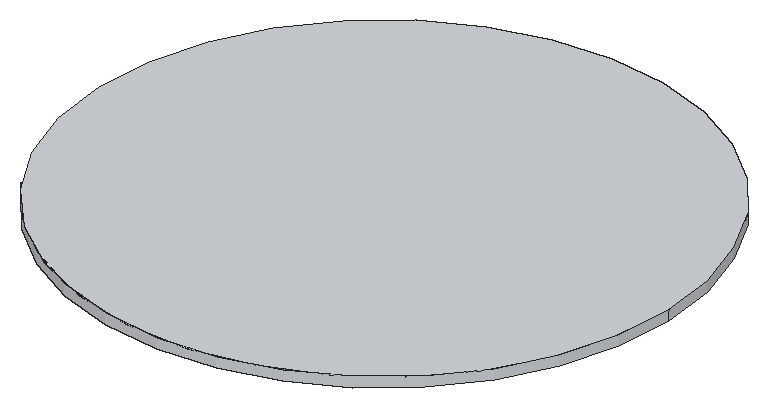
Revit family "CITY", category Lighting Fixtures, host Face, Revit 2023 (continued)
Types (10, lengths in mm): name | Radio | Photometric Web File | built-in parameter 1150142 | Manufacturer | LuxLight_Watios | LuxLight_Temperatura | LuxLight_Lumenes
    5 0.177595 0.218294 0.236793 0.258993 0.258993 0.277492 0.288592 0.299692 0.310791 0.321891 0.34039 0.35149 0.373689 0.381089 0.403289 0.414388 0.432888 0.455087 0.443987 0.484686 0.477287 0.506886 0.529085\r\n 0.536485 0.558684 0.569784 0.588283 0.599383 0.610483 0.640082 0.651182 0.673381 0.680781 0.691881 0.71408 0.732579 0.743679 0.765878 0.776978 0.795478 0.817677 0.828777 0.836176 0.858376 0.869475 0.880575 0.887975 0.910174 0.921274\r\n 0.939773 0.950873 0.961973 0.973073 0.991572 1.002672 1.013771 1.024871 1.043371 1.043371 1.06557 1.07667 1.07667 1.05447 1.05447 1.06557 1.05447 1.06557 1.07667 1.07667 1.084069 1.095169 1.095169 1.106269 1.106269 1.117369 1.117369\r\n 1.117369 1.117369 1.128468 1.135868 1.135868 1.135868 1.135868 1.135868 1.146274\r\n142.145828 142.153687 142.112991 141.968704 141.8022 141.595001 141.306412 140.98822 140.562729 140.148346 139.674759 139.093872 138.557388 137.958008 137.192139 136.489151 135.619675 134.868607 133.999115 133.03714 132.097382 131.124313\r\n 129.977341 128.933975 127.683395 126.52533 125.282166 123.950203 122.699646 121.334381 119.795219 118.418861 116.787201 115.29615 113.705193 111.977341 110.323486 108.669632 106.716095 104.969742 102.934799 101.073746 99.086906 96.959465\r\n 94.89122 92.678688 90.506851 88.397903 85.94857 83.662041 81.3274 78.711578 76.384346 73.727821 71.352486 68.829163 66.150436 63.567905 60.940983 58.158661 55.587231 52.638416 49.930092 47.325363 44.306252 41.538731 38.871105 35.829788\r\n 33.132565 30.020952 27.271931 24.367514 21.326199 18.443979 15.691257 12.572246 9.749226 6.833707 4.125384 2.334634 1.727851 1.324563 1.013771 0.691881 0.495786 0.329291 0.225694 0.166495 0.144296 0.144296 0.144296 0.144296 0.166495\r\n 0.155396 0.177595 0.196094 0.196094 0.218294 0.236793 0.247893 0.258993 0.277492 0.288592 0.299692 0.310791 0.329291 0.34039 0.35149 0.373689 0.381089 0.392189 0.414388 0.425488 0.443987 0.455087 0.477287 0.484686 0.506886 0.517985\r\n 0.536485 0.547585 0.569784 0.577184 0.599383 0.610483 0.628982 0.662281 0.651182 0.673381 0.691881 0.70298 0.71408 0.732579 0.743679 0.765878 0.784378 0.795478 0.817677 0.828777 0.847276 0.858376 0.880575 0.899075 0.899075 0.910174\r\n 0.928674 0.939773 0.961973 0.973073 0.980472 1.002672 1.002672 1.013771 1.032271 1.032271 1.043371 1.032271 1.024871 1.024871 1.032271 1.043371 1.05447 1.06557 1.06557 1.07667 1.07667 1.084069 1.095169 1.106269 1.106269 1.117369 1.128468\r\n 1.128468 1.128468 1.135868 1.135868 1.135868 1.146968 1.158067 1.146968 1.146274\r\n142.145828 142.32019 142.20549 142.101883 141.939102 141.698608 141.421112 141.099213 140.695938 140.274155 139.79686 139.230774 138.631393 138.039413 137.295731 136.633453 135.756577 134.961105 134.121216 133.162949 132.252777 131.250092\r\n 130.092041 129.037567 127.846199 126.63633 125.500458 124.075996 122.821739 121.415771 119.906219 118.522461 116.920403 115.410851 113.830986 112.125343 110.449287 108.773232 106.86039 105.125137 103.097595 101.24765 99.334801 97.133362\r\n 95.157616 92.852585 90.702942 88.582909 86.133575 83.839638 81.493904 79.011269 76.591537 74.060806 71.589279 69.20285 66.420532 63.845398 61.344273 58.469452 55.916523 52.989906 50.396282 47.687958 44.679939 42.034515 39.263294 36.347775\r\n 33.535854 30.598139 27.767717 24.955795 21.947783 19.176559 16.29064 13.201228 10.6076 7.865978 5.427747 3.226309 1.931345 1.479958 1.095169 0.795478 0.558684 0.373689 0.247893 0.177595 0.144296 0.133196 0.125796 0.144296 0.155396\r\n 0.166495 0.166495 0.177595 0.184995 0.196094 0.225694 0.236793 0.247893 0.270092 0.277492 0.288592 0.299692 0.310791 0.329291 0.34039 0.35149 0.381089 0.381089 0.403289 0.432888 0.432888 0.443987 0.466187 0.466187 0.506886 0.517985\r\n 0.536485 0.547585 0.569784 0.577184 0.599383 0.621582 0.621582 0.640082 0.662281 0.673381 0.691881 0.71408 0.72518 0.743679 0.754779 0.754779 0.806577 0.806577 0.817677 0.836176 0.858376 0.847276 0.880575 0.887975 0.910174 0.921274\r\n 0.928674 0.899075 0.910174 0.921274 0.939773 0.939773 0.961973 0.973073 0.980472 0.991572 1.002672 1.013771 1.043371 1.043371 1.043371 1.05447 1.06557 1.06557 1.07667 1.084069 1.095169 1.106269 1.106269 1.117369 1.117369 1.128468\r\n 1.128468 1.135868 1.135868 1.146968 1.146968 1.135868 1.146968 1.146968 1.135868 1.146274\r\n142.145828 142.371994 142.32019 142.227692 142.061203 141.813309 141.524719 141.195419 140.781036 140.344452 139.859756 139.31218 138.735001 138.165207 137.451126 136.718536 135.900864 135.053589 134.224823 133.233246 132.293472 131.320389\r\n 130.195618 129.056061 127.897995 126.699226 125.500458 124.168495 122.83284 121.552673 120.009819 118.522461 116.961105 115.410851 113.901291 112.103142 110.438187 108.773232 106.945488 105.125137 103.171593 101.236549 99.345901 97.166664\r\n 95.10952 92.89698 90.839836 88.645798 86.207565 83.921036 81.586403 79.114876 76.82093 74.142212 71.652176 69.151047 66.235527 63.516109 60.878082 57.955166 55.098846 51.968735 49.093914 46.311596 43.273979 40.388058 37.568741 34.664322\r\n 31.922699 29.09968 26.443153 23.942024 21.2115 18.617876 16.094545 13.367723 10.99979 8.383964 5.871735 3.452003 1.953545 1.479958 1.117369 0.828777 0.588283 0.414388 0.288592 0.207194 0.166495 0.155396 0.144296 0.133196 0.166495\r\n 0.166495 0.166495 0.166495 0.184995 0.196094 0.207194 0.225694 0.247893 0.258993 0.258993 0.277492 0.288592 0.310791 0.321891 0.329291 0.35149 0.36259 0.381089 0.392189 0.414388 0.425488 0.443987 0.455087 0.484686 0.484686 0.517985\r\n 0.529085 0.547585 0.569784 0.577184 0.599383 0.610483 0.628982 0.651182 0.662281 0.673381 0.680781 0.70298 0.72518 0.732579 0.754779 0.765878 0.784378 0.806577 0.817677 0.828777 0.858376 0.858376 0.880575 0.887975 0.899075 0.921274\r\n 0.928674 0.939773 0.961973 0.980472 0.991572 1.002672 1.013771 1.024871 1.032271 1.032271 1.032271 1.043371 1.032271 1.032271 1.043371 1.043371 1.05447 1.06557 1.07667 1.084069 1.084069 1.095169 1.106269 1.106269 1.117369 1.117369\r\n 1.128468 1.128468 1.135868 1.135868 1.135868 1.146968 1.146968 1.146968 1.146968 1.146274\r\n142.145828 142.568085 142.52739 142.412689 142.268387 142.101883 141.824402 141.502518 141.099213 140.740326 140.274155 139.715469 139.167877 138.57959 137.906204 137.181046 136.385559 135.571579 134.7724 133.791931 132.911346 131.953079\r\n 130.8246 129.792343 128.549164 127.413307 126.255234 124.878883 123.60981 122.307449 120.764595 119.403038 117.767685 116.29882 114.841064 113.105812 111.429756 109.809204 107.925957 106.16851 104.24456 102.342819 100.503967 98.261833\r\n 96.315681 94.332535 92.005302 89.826065 87.487732 85.245598 82.807365 80.169342 77.605309 74.834084 72.107269 69.450737 66.409431 63.682602 60.940983 57.78867 55.017448 51.854038 49.071716 46.1488 43.077888 40.110569 37.298649 34.175934\r\n 31.20862 28.089609 25.070492 22.154976 18.617876 15.495163 13.201228 11.01829 9.005547 6.978003 5.220552 3.588899 2.079341 1.487358 1.169167 0.880575 0.680781 0.506886 0.373689 0.277492 0.218294 0.184995 0.177595 0.177595 0.184995\r\n 0.196094 0.196094 0.207194 0.177595 0.184995 0.196094 0.207194 0.218294 0.236793 0.247893 0.270092 0.277492 0.299692 0.310791 0.321891 0.34039 0.35149 0.373689 0.381089 0.403289 0.414388 0.432888 0.443987 0.477287 0.495786 0.495786\r\n 0.529085 0.536485 0.558684 0.577184 0.588283 0.610483 0.628982 0.640082 0.662281 0.673381 0.691881 0.70298 0.72518 0.732579 0.754779 0.765878 0.784378 0.795478 0.817677 0.836176 0.847276 0.858376 0.880575 0.887975 0.910174 0.921274\r\n 0.928674 0.950873 0.973073 0.980472 0.991572 1.002672 1.024871 1.024871 1.05447 1.043371 1.05447 1.06557 1.07667 1.084069 1.106269 1.106269 1.117369 1.128468 1.128468 1.135868 1.128468 1.095169 1.084069 1.106269 1.106269 1.117369\r\n 1.128468 1.128468 1.128468 1.135868 1.135868 1.135868 1.135868 1.158067 1.146968 1.146274\r\n142.145828 142.020508 141.979797 141.887299 141.709702 141.495117 141.195419 140.903137 140.540527 140.118744 139.674759 139.116074 138.557388 137.969116 137.243927 136.592758 135.734375 134.979599 134.184113 133.203644 132.252777\r\n 131.309296 130.162323 129.118958 127.971992 126.813919 125.666962 124.279495 122.977135 121.685867 120.176315 118.822151 117.209 115.773438 114.223183 112.536026 110.956169 109.250519 107.45977 105.661621 103.741379 101.847031 100.008179\r\n 97.847435 95.842102 93.866356 91.531723 89.485672 87.065941 84.871902 82.65197 79.932549 77.461021 74.5159 71.911171 69.139946 66.202232 63.390312 60.693089 57.570377 54.821354 51.680141 48.908924 45.993404 42.952091 40.01807 37.176552\r\n 34.072338 31.075424 27.934212 24.915098 21.914482 18.691874 16.013147 13.574918 11.218083 9.305238 7.203697 5.490645 3.91819 2.171839 1.468859 1.146968 0.858376 0.651182 0.484686 0.35149 0.270092 0.207194 0.177595 0.177595 0.177595\r\n 0.184995 0.184995 0.166495 0.177595 0.184995 0.184995 0.196094 0.207194 0.225694 0.236793 0.258993 0.270092 0.277492 0.299692 0.310791 0.321891 0.34039 0.36259 0.373689 0.392189 0.414388 0.425488 0.443987 0.466187 0.466187 0.495786\r\n 0.517985 0.529085 0.547585 0.569784 0.577184 0.588283 0.610483 0.621582 0.640082 0.651182 0.673381 0.691881 0.70298 0.71408 0.732579 0.754779 0.765878 0.784378 0.795478 0.817677 0.828777 0.836176 0.858376 0.869475 0.887975 0.899075\r\n 0.921274 0.928674 0.939773 0.950873 0.980472 0.980472 1.002672 1.013771 1.032271 1.032271 1.043371 1.05447 1.084069 1.095169 1.084069 1.095169 1.106269 1.117369 1.117369 1.128468 1.146968 1.135868 1.135868 1.106269 1.106269 1.106269\r\n 1.106269 1.117369 1.128468 1.128468 1.128468 1.135868 1.135868 1.135868 1.135868 1.135868 1.146274\r\n142.145828 141.887299 141.835495 141.698608 141.513611 141.295319 141.017822 140.71814 140.285248 139.889359 139.445358 138.868179 138.320587 137.728622 136.955338 136.304153 135.486481 134.690994 133.843735 132.944641 131.96048 131.002213\r\n 129.86264 128.841461 127.639 126.503136 125.282166 123.939102 122.658943 121.363983 119.865517 118.492859 116.879707 115.421944 113.934586 112.184532 110.615776 108.939728 107.130478 105.332329 103.419487 101.53624 99.708496 97.558846\r\n 95.553505 93.555557 91.261627 89.215584 86.818054 84.686913 82.404076 79.95105 77.616409 75.126381 72.684448 70.349815 67.752495 65.188461 62.709534 59.794014 57.189285 54.199772 51.532146 48.712826 45.764011 43.055687 40.225266 37.276447\r\n 34.486729 31.634108 28.925783 26.380257 23.475838 20.945108 18.369982 15.373067 12.705441 9.778825 7.0927 4.702568 2.367933 1.683453 1.302363 0.961973 0.70298 0.477287 0.321891 0.218294 0.166495 0.133196 0.133196 0.133196 0.144296\r\n 0.155396 0.155396 0.184995 0.177595 0.184995 0.196094 0.218294 0.218294 0.236793 0.258993 0.270092 0.277492 0.288592 0.310791 0.329291 0.34039 0.373689 0.381089 0.392189 0.403289 0.432888 0.466187 0.484686 0.517985 0.517985 0.529085\r\n 0.547585 0.558684 0.577184 0.588283 0.599383 0.621582 0.628982 0.651182 0.673381 0.691881 0.70298 0.71408 0.732579 0.743679 0.754779 0.776978 0.795478 0.806577 0.828777 0.836176 0.858376 0.869475 0.887975 0.887975 0.910174 0.928674\r\n 0.939773 0.961973 0.961973 0.980472 0.991572 1.002672 1.013771 1.032271 1.043371 1.05447 1.06557 1.06557 1.06557 1.095169 1.095169 1.106269 1.106269 1.117369 1.128468 1.128468 1.128468 1.095169 1.084069 1.095169 1.095169 1.106269\r\n 1.106269 1.117369 1.128468 1.128468 1.135868 1.135868 1.135868 1.146968 1.146968 1.146274\r\n142.145828 141.894699 141.846603 141.691208 141.502518 141.276825 140.954926 140.636734 140.240845 139.79686 139.31218 138.735001 138.176315 137.554718 136.811035 136.09697 135.29039 134.517105 133.658737 132.707855 131.775497 130.802414\r\n 129.677643 128.641663 127.391106 126.255234 125.108276 123.72451 122.411049 121.127182 119.606529 118.244965 116.69471 115.174049 113.631195 111.96994 110.323486 108.691833 106.790085 105.084442 103.182693 101.288345 99.449493 97.236961\r\n 95.305611 93.248466 91.043335 88.882599 86.599762 84.439018 82.156181 79.725349 77.387016 74.896988 72.466156 70.09082 67.360298 64.940567 62.398743 59.668217 57.167088 54.292271 51.617245 49.053215 46.230194 43.492275 40.854248 37.96093\r\n 35.178608 32.263092 29.495569 26.827942 23.74593 21.026506 18.196087 15.21767 12.487148 9.397735 6.75231 3.929289 2.223637 1.727851 1.302363 0.961973 0.691881 0.466187 0.321891 0.218294 0.155396 0.144296 0.144296 0.144296 0.144296\r\n 0.166495 0.166495 0.177595 0.184995 0.196094 0.207194 0.218294 0.236793 0.258993 0.270092 0.288592 0.299692 0.310791 0.310791 0.321891 0.34039 0.36259 0.392189 0.414388 0.443987 0.466187 0.484686 0.506886 0.517985 0.536485 0.547585\r\n 0.558684 0.577184 0.588283 0.610483 0.621582 0.628982 0.662281 0.673381 0.680781 0.691881 0.70298 0.72518 0.743679 0.754779 0.765878 0.784378 0.795478 0.806577 0.828777 0.836176 0.858376 0.869475 0.880575 0.899075 0.910174 0.921274\r\n 0.939773 0.961973 0.973073 0.980472 0.991572 1.002672 1.013771 1.024871 1.032271 1.043371 1.05447 1.06557 1.084069 1.084069 1.084069 1.06557 1.05447 1.05447 1.06557 1.06557 1.07667 1.084069 1.095169 1.106269 1.106269 1.117369 1.117369\r\n 1.128468 1.128468 1.128468 1.135868 1.146968 1.135868 1.135868 1.135868 1.146274\r\n142.145828 142.009399 141.939102 141.761505 141.565399 141.306412 140.966034 140.625626 140.222351 139.756165 139.289978 138.690598 138.143005 137.525131 136.77034 136.056274 135.208984 134.432022 133.573624 132.604263 131.642288 130.66922\r\n 129.500046 128.427078 127.228317 126.081345 124.889977 123.517319 122.20385 120.901489 119.380836 118.015572 116.435722 114.926155 113.427704 111.67025 110.086693 108.403244 106.501495 104.803246 102.860802 100.970154 99.160904 97.011269\r\n 94.961525 92.978378 90.691841 88.634697 86.237167 84.065331 81.904587 79.333168 77.017029 74.493698 72.055473 69.706032 66.957016 64.529884 62.05835 59.20573 56.704601 53.922279 51.232452 48.546329 45.671509 42.922489 40.277061 37.380047\r\n 34.590324 31.663708 28.873985 26.228559 23.268644 20.427124 17.533806 14.473991 11.673171 8.550459 6.01603 3.710995 2.149639 1.631654 1.261665 0.910174 0.640082 0.432888 0.299692 0.207194 0.166495 0.144296 0.144296 0.144296 0.155396\r\n 0.155396 0.166495 0.177595 0.184995 0.196094 0.207194 0.218294 0.236793 0.236793 0.247893 0.270092 0.270092 0.299692 0.310791 0.321891 0.329291 0.35149 0.36259 0.381089 0.403289 0.414388 0.432888 0.455087 0.484686 0.484686 0.495786\r\n 0.517985 0.529085 0.547585 0.569784 0.577184 0.577184 0.599383 0.621582 0.628982 0.651182 0.662281 0.680781 0.691881 0.71408 0.72518 0.732579 0.754779 0.765878 0.784378 0.806577 0.817677 0.836176 0.847276 0.858376 0.869475 0.887975\r\n 0.899075 0.910174 0.921274 0.939773 0.961973 0.973073 0.973073 0.973073 0.980472 0.980472 1.002672 1.024871 1.013771 1.032271 1.032271 1.043371 1.05447 1.06557 1.06557 1.084069 1.084069 1.106269 1.095169 1.106269 1.106269 1.117369\r\n 1.117369 1.128468 1.135868 1.135868 1.158067 1.135868 1.135868 1.135868 1.146968 1.146274\r\n" | "" | 5 W | 4000 K | 370 lm
